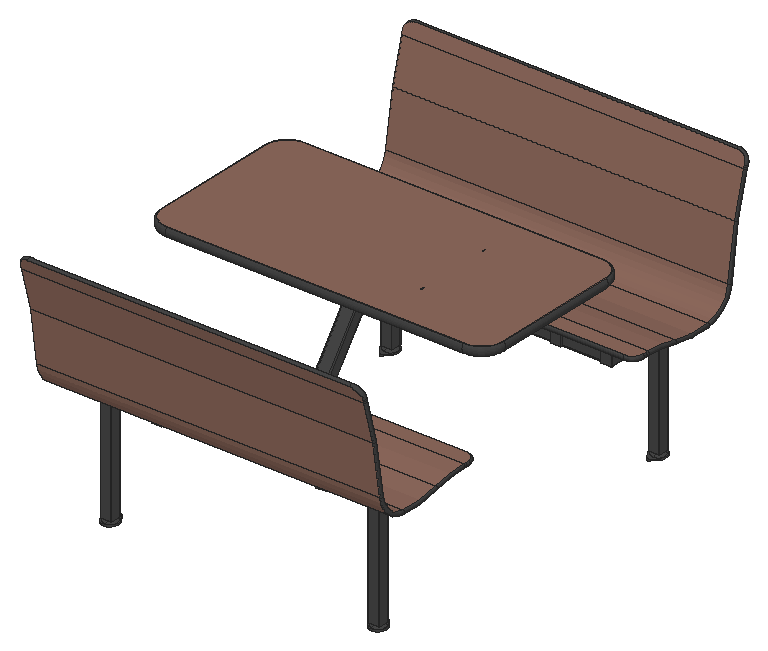
Revit family "Plymold-Contour-Island_Unit", category Furniture, Revit 2022 (continued)
Definition of nested family "PLM-Cafeteria_Top"
  Forms (in)
    Extrusion 9, void
      sketch origin (0, 25.31884, -1.5) x (0, 1, 0) y (-1, 0, 0)
        loop
          arc (-10.75634, -39.92) -> (-10.50355, -39.81529) -> (-10.39884, -39.5625) r 0.3575
          line (-10.39884, -39.5625) -> (-10.39884, 39.5625)
          arc (-10.39884, 39.5625) -> (-10.50355, 39.81529) -> (-10.75634, 39.92) r 0.3575
        loop
          line (-10.08634, 40.3125) -> (-40.63134, 40.3125) -> (-40.63134, -40.3125) -> (-10.08634, -40.3125) -> (-10.08634, 40.3125)
      from 0 to 0.125 <- "PVC-void"
  Cuts and joins
    Extrusion 4, Extrusion 5, Extrusion 7, Extrusion 9 cuts Extrusion 1
  Lines and regions (in)
    symbolic lines, visible <- "TPD"
      curve 1: line (-39.5625, 15, -1.5) -> (39.5625, 15, -1.5)
      curve 2: line (-40, -14.5625, -1.5) -> (-40, 14.5625, -1.5)
      curve 3: line (39.5625, -15, -1.5) -> (-39.5625, -15, -1.5)
      curve 4: line (40, 14.5625, -1.5) -> (40, -14.5625, -1.5)
      curve 5: arc (-40, 14.5625, -1.5) -> (-39.87186, 14.87186, -1.5) -> (-39.5625, 15, -1.5) r 0.4375
      curve 6: arc (39.5625, 15, -1.5) -> (39.87186, 14.87186, -1.5) -> (40, 14.5625, -1.5) r 0.4375
      curve 7: arc (40, -14.5625, -1.5) -> (39.87186, -14.87186, -1.5) -> (39.5625, -15, -1.5) r 0.4375
      curve 8: arc (-39.5625, -15, -1.5) -> (-39.87186, -14.87186, -1.5) -> (-40, -14.5625, -1.5) r 0.4375
    symbolic lines, visible <- "DE"
      curve 9: line (38.5, 15, -1.5) -> (-38.5, 15, -1.5)
      curve 10: line (40, -13.5, -1.5) -> (40, 13.5, -1.5)
      curve 11: line (-38.5, -15, -1.5) -> (38.5, -15, -1.5)
      curve 12: line (-40, 13.5, -1.5) -> (-40, -13.5, -1.5)
      curve 13: arc (-38.5, 15, -1.5) -> (-39.56066, 14.56066, -1.5) -> (-40, 13.5, -1.5) r 1.5
      curve 14: arc (38.5, 15, -1.5) -> (39.56066, 14.56066, -1.5) -> (40, 13.5, -1.5) r 1.5
      curve 15: arc (40, -13.5, -1.5) -> (39.56066, -14.56066, -1.5) -> (38.5, -15, -1.5) r 1.5
      curve 16: arc (-38.5, -15, -1.5) -> (-39.56066, -14.56066, -1.5) -> (-40, -13.5, -1.5) r 1.5
    symbolic lines, visible <- "VE"
      curve 17: line (-36.75, 15, -1.5) -> (36.75, 15, -1.5)
      curve 18: line (-40, -11.75, -1.5) -> (-40, 11.75, -1.5)
      curve 19: line (36.75, -15, -1.5) -> (-36.75, -15, -1.5)
      curve 20: line (40, 11.75, -1.5) -> (40, -11.75, -1.5)
      curve 21: arc (-40, 11.75, -1.5) -> (-39.0481, 14.0481, -1.5) -> (-36.75, 15, -1.5) r 3.25
      curve 22: arc (36.75, 15, -1.5) -> (39.0481, 14.0481, -1.5) -> (40, 11.75, -1.5) r 3.25
      curve 23: arc (40, -11.75, -1.5) -> (39.0481, -14.0481, -1.5) -> (36.75, -15, -1.5) r 3.25
      curve 24: arc (-36.75, -15, -1.5) -> (-39.0481, -14.0481, -1.5) -> (-40, -11.75, -1.5) r 3.25
    symbolic lines, visible <- "PVC"
      curve 25: line (-39.5625, 15, -1.5) -> (39.5625, 15, -1.5)
      curve 26: line (-40, -14.5625, -1.5) -> (-40, 14.5625, -1.5)
      curve 27: line (39.5625, -15, -1.5) -> (-39.5625, -15, -1.5)
      curve 28: line (40, 14.5625, -1.5) -> (40, -14.5625, -1.5)
      curve 29: arc (-40, 14.5625, -1.5) -> (-39.87186, 14.87186, -1.5) -> (-39.5625, 15, -1.5) r 0.4375
      curve 30: arc (39.5625, 15, -1.5) -> (39.87186, 14.87186, -1.5) -> (40, 14.5625, -1.5) r 0.4375
      curve 31: arc (40, -14.5625, -1.5) -> (39.87186, -14.87186, -1.5) -> (39.5625, -15, -1.5) r 0.4375
      curve 32: arc (-39.5625, -15, -1.5) -> (-39.87186, -14.87186, -1.5) -> (-40, -14.5625, -1.5) r 0.4375
  Dimensions and locks (in)
    equal spacing: plane 4, plane 3 "Center (Left/Right)", plane 5
    equal spacing: plane 6, plane 1 "Center (Front/Back)", plane 7
    "D": plane 6 to plane 7
    "W": plane 4 to plane 5
    locked: profile plane to Sweep 2 sketch curve at 0.90625
    locked: plane 2 to plane 8 at 1.25
    locked: plane 4 to Sweep 3 sketch curve at 0.4375  (x2)
    locked: Sweep 3 sketch curve to plane 5 at 0.4375  (x2)
    locked: plane 2 to Sweep 3 sketch curve at 0.18
    locked: Sweep 3 sketch curve to plane 8 at 0.18
    locked: plane 6 to Sweep 3 sketch curve at 0.1875
    locked: plane 8 to plane 9 at 0.25
    locked: plane 4 to Extrusion 4 sketch curve at 0.4375  (x2)
    locked: Extrusion 4 sketch curve to plane 5 at 0.4375  (x2)
    locked: plane 4 to Extrusion 4 sketch curve at 0.1875
    locked: plane 6 to Extrusion 4 sketch curve at 0.1875
    locked: Extrusion 4 sketch curve to plane 7 at 0.1875
    locked: Extrusion 4 sketch curve to plane 5 at 0.1875
    locked: Extrusion 4 sketch curve to plane 4 at 0.3125
    locked: plane 5 to Extrusion 4 sketch curve at 0.3125
    Extrusion 4 sketch curve to plane 6 = 1/8"
    locked: plane 7 to Extrusion 4 sketch curve at 0.3125
    locked: Extrusion 4 sketch curve to Extrusion 4 sketch curve at 0.3125
    locked: Extrusion 5 sketch curve to plane 7 at 0.25
    locked: Extrusion 5 sketch curve to plane 5 at 0.25
    locked: plane 6 to Extrusion 5 sketch curve at 0.25
    locked: Extrusion 5 sketch curve to plane 4 at 0.5
    locked: plane 7 to Extrusion 5 sketch curve at 0.5
    locked: plane 5 to Extrusion 5 sketch curve at 0.5
    locked: Extrusion 7 sketch curve to plane 4 at 0.5
    locked: plane 5 to Extrusion 7 sketch curve at 0.5
    locked: plane 7 to Extrusion 7 sketch curve at 0.5
    locked: Extrusion 7 sketch curve to plane 6 at 0.5
    locked: plane 4 to Sweep 2 sketch curve at 3.25  (x2)
    locked: Sweep 2 sketch curve to plane 5 at 3.25  (x2)
    locked: plane 4 to Extrusion 5 sketch curve at 3.25
    locked: Extrusion 5 sketch curve to plane 5 at 3.25  (x2)
    plane 4 to Extrusion 5 sketch curve = 3 1/4"
    locked: plane 4 to Sweep 6 sketch curve at 1.5  (x2)
    locked: Sweep 6 sketch curve to plane 5 at 1.5  (x2)
    locked: plane 2 to Sweep 6 sketch curve at 0.75
    locked: Sweep 6 sketch curve to plane 8 at 0.25
    locked: plane 6 to Sweep 6 sketch curve at 0.75
    locked: plane 6 to Sweep 6 sketch curve at 0.94
    locked: plane 4 to curve 5 at 0.4375
    locked: plane 4 to curve 8 at 0.4375
    locked: curve 8 to plane 7 at 0.4375
    locked: plane 6 to curve 5 at 0.4375
    locked: curve 6 to plane 5 at 0.4375
    locked: curve 7 to plane 5 at 0.4375
    locked: curve 7 to plane 7 at 0.4375
    locked: plane 6 to curve 6 at 0.4375
    locked: curve 15 to plane 5 at 1.5
    locked: curve 15 to plane 7 at 1.5
    locked: plane 6 to curve 14 at 1.5
    locked: curve 14 to plane 5 at 1.5
    locked: plane 4 to curve 13 at 1.5
    locked: plane 6 to curve 13 at 1.5
    locked: curve 16 to plane 7 at 1.5
    locked: plane 4 to curve 16 at 1.5
    locked: plane 4 to curve 21 at 3.25
    locked: plane 6 to curve 21 at 3.25
    locked: curve 24 to plane 7 at 3.25
    locked: plane 4 to curve 24 at 3.25
    locked: curve 23 to plane 5 at 3.25
    locked: curve 23 to plane 7 at 3.25
    locked: plane 6 to curve 22 at 3.25
    locked: curve 22 to plane 5 at 3.25
    locked: plane 2 to Sweep 8 sketch curve at 0.07
    locked: Sweep 8 sketch curve to plane 8 at 0.07
    locked: Extrusion 9 sketch curve to Extrusion 9 sketch curve at 0.3125
    locked: plane 4 to Extrusion 9 sketch curve at 0.08
    locked: Extrusion 9 sketch curve to plane 4 at 0.3125
    locked: Extrusion 9 sketch curve to plane 7 at 0.08
    locked: plane 7 to Extrusion 9 sketch curve at 0.3125
    locked: Extrusion 9 sketch curve to plane 5 at 0.08
    locked: plane 5 to Extrusion 9 sketch curve at 0.3125
    locked: plane 6 to Extrusion 9 sketch curve at 0.08
    Extrusion 9 sketch curve to plane 6 = 0.2325"
    aligned and locked: plane 2 to level
    aligned and locked: Sweep 2 sketch curve to plane 6
    aligned and locked: plane 4 to Sweep 2 sketch curve
    aligned and locked: plane 7 to Sweep 2 sketch curve
    aligned and locked: Sweep 2 sketch curve to plane 5
    aligned and locked: profile plane to Sweep 2 sketch curve
    aligned and locked: plane 8 to Sweep 2 sketch curve
    aligned and locked: plane 2 to Extrusion 1
    aligned and locked: Extrusion 1 to plane 8
    aligned and locked: plane 9 to Extrusion 4
    aligned and locked: plane 9 to Extrusion 5
    aligned and locked: Sweep 6 sketch curve to plane 6
    aligned and locked: plane 4 to Sweep 6 sketch curve
    aligned and locked: plane 7 to Sweep 6 sketch curve
    aligned and locked: Sweep 6 sketch curve to plane 5
    aligned and locked: plane 9 to Extrusion 7
    aligned and locked: Extrusion 5 sketch curve to Sweep 2
    aligned and locked: Extrusion 7 sketch curve to Sweep 6  (x4)
    aligned and locked: plane 4 to curve 2
    aligned and locked: plane 6 to curve 9
    aligned and locked: plane 5 to curve 10
    aligned and locked: curve 11 to plane 7
    aligned and locked: curve 12 to plane 4
    aligned and locked: curve 17 to plane 6
    aligned and locked: plane 4 to curve 18
    aligned and locked: plane 7 to curve 19
    aligned and locked: curve 20 to plane 5
    aligned and locked: plane 4 to Sweep 8 sketch curve
    aligned and locked: Sweep 8 sketch curve to plane 5
    aligned and locked: Sweep 8 sketch curve to plane 6
    aligned and locked: plane 7 to Sweep 8 sketch curve
    aligned and locked: plane 9 to Extrusion 9
    aligned and locked: curve 25 to plane 6
    aligned and locked: plane 7 to curve 27
    aligned and locked: curve 28 to plane 5
  Automatic sketch dimensions
    Extrusion 1 sketch curve to plane 4 = 0"
    Extrusion 1 sketch curve to plane 5 = 0"
    Extrusion 1 sketch curve to plane 7 = 0"
    Extrusion 1 sketch curve to plane 6 = 0"
    profile plane to Sweep 2 sketch curve = 1/4"
    Sweep 3 sketch curve to plane 4 = 0"
    Sweep 3 sketch curve to plane 5 = 0"
    Sweep 3 sketch curve to plane 7 = 0"
    Sweep 3 sketch curve to plane 6 = 0"
    plane 6 to Extrusion 5 sketch curve = 1/2"
    plane 4 to Sweep 8 sketch curve = 7/16"  (x2)
    Sweep 8 sketch curve to Sweep 8 sketch curve = 7/16"
    Sweep 8 sketch curve to plane 5 = 7/16"
    Extrusion 9 sketch curve to Extrusion 9 sketch curve = 0.3575"
    plane 7 to Extrusion 9 sketch curve = 7/16"
    Extrusion 9 sketch curve to plane 6 = 7/16"  (x2)
    Sweep 3 sketch curve to profile plane = 0"
    Sweep 3 sketch curve to plane 2 = 0"
    Sweep 3 sketch curve to Sweep 3 sketch curve = 0.00735"
    Sweep 6 sketch curve to profile plane = 0"
    plane 9 to Sweep 6 sketch curve = 1/4"
    Sweep 8 sketch curve to plane 2 = 0"
    Sweep 8 sketch curve to profile plane = 0"
    Sweep 8 sketch curve to Sweep 8 sketch curve = 0.07062"
    Sweep 8 sketch curve to Sweep 8 sketch curve = 0.00937"
Types (9): name | Width | VE | PVC | Model | Description | DE
  (no name) | 47" | yes | no | "CBIS047VE" | "Contour Booth Unit w/Vinyl Edge Table Top - 47\"W x 63\"D x 36\"H" | no
  CBIS042DE | 42" | no | no | "CBIS042DE" | "Contour Booth Unit w/Bullnose Dur-A-Edge® Table Top - 42\"W x 63\"D x 36\"H" | yes
  CBIS042PVC | 42" | no | yes | "CBIS042PVC" | "Contour Booth Unit w/PVC Edge Table Top - 42\"W x 63\"D x 36\"H" | no
  CBIS042VE | 42" | yes | no | "CBIS042VE" | "Contour Booth Unit w/Vinyl Edge Table Top - 42\"W x 63\"D x 36\"H" | no
  CBIS042TPD | 42" | yes | no | "CBIS042TPD" | "Contour Booth Unit w/Thin Vinyl Edge Profile Dur-A-Edge® Table Top - 42\"W x 63\"D x 36\"H" | no
  CBIS047TPD | 47" | yes | no | "CBIS047TPD" | "Contour Booth Unit w/Thin Vinyl Edge Profile Dur-A-Edge® Table Top - 47\"W x 63\"D x 36\"H" | no
  CBIS047VE | 47" | yes | no | "CBIS047VE" | "Contour Booth Unit w/Vinyl Edge Table Top - 47\"W x 63\"D x 36\"H" | no
  CBIS047DE | 47" | no | no | "CBIS047DE" | "Contour Booth Unit w/Bullnose Dur-A-Edge® Table Top - 47\"W x 63\"D x 36\"H" | yes
  CBIS047PVC | 47" | no | yes | "CBIS047PVC" | "Contour Booth Unit w/PVC Edge Table Top - 47\"W x 63\"D x 36\"H" | no
